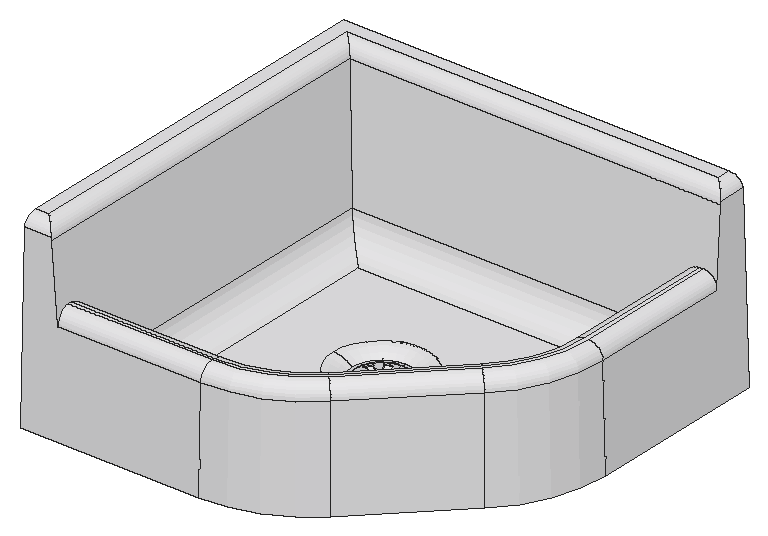
Revit family "Sink-Service_Sink-KOHLER-Whitby-K-6710", category Plumbing Fixtures, host Face, Revit 2015
Parameters (values of type "0-White")
  Width = 28"
  Waste Water Outlet = "Waste Water Outlet"  # constant formula
  Waste Connection = 1 = 1  # yes
  Vent Connection = 0 = 1  # no
  URL = "https://www.us.kohler.com/us/"
  Product Page URL = "http://www.us.kohler.com/us/catalog/productDetails.jsp?productNumber=6710"
  Product Name = "Whitby"  # constant formula
  Product Documentation Link = "https://www.us.kohler.com/webassets/kpna/catalog/pdf/en/K-6710_spec.pdf"
  Model = "K-6710"  # constant formula
  Material = "Enameled Cast Iron"  # constant formula
  MasterFormat 2004 = "22.41.16"  # constant formula
  MasterFormat 1995 = "15410"  # constant formula
  Manufacturer Address = "444 Highland Dr, Kohler, WI 53044"  # constant formula
  Manufacturer = "KOHLER Co."  # constant formula
  Length = 28"
  Hot Water Inlet = "Hot Water Inlet"  # constant formula
  Height = 13"
  HW Connection = 0 = 1  # no
  Finish = Kohler-Vitreous_China-0-White
  Environmental Product Declaration = "https://www.us.kohler.com/webassets/kpna/catalog/pdf/en/K-6710.pdf"
  Drain Included = 0 = 1  # no
  Description = "Floor-mounted corner service sink"  # constant formula
  Default Elevation = 0"
  Declare Label = ""
  Date Modified = "10/19/2018"  # constant formula
  Date Created = "10/19/2018"  # constant formula
  Copyright = "Copyright KOHLER Co."  # constant formula
  Contact Us = "https://www.us.kohler.com/us/static/contact.jsp"
  Cold Water Inlet = "Cold Water Inlet"  # constant formula
  CW Connection = 0 = 1  # no
  Assembly Code = "D2010400"
  ADA Compliant = 0 = 1  # no
Reference planes (in)
  plane 1 "Center (Front/Back)": y = 0
  plane 2: z = 0
  plane 3 "Center (Left/Right)": x = 0
  plane 4: y = 13
  plane 5: x = -13
  plane 6: y = -15
  plane 7: x = 15
  plane 8: through (9.1875, -9.1875, 48) normal (-0.7071, 0.7071, 0)
  plane 9: z = 13
  plane 10: z = 8
Dimensions and locks (in)
  "Length": plane 5 to plane 7
  "Width": plane 6 to plane 4
  "Height": plane 9 to level
  aligned and locked: plane 2 to host face
  aligned and locked: level to host face
Automatic sketch dimensions
  host sketch curve to host sketch curve = 96"  (x2)
Nested families (in)
  nested 1: "K-6710" at (-13, 13, 0), type "K-6710"
Connectors (in)
  piping at (0, 0, 0), diameter 2.875, driven by "Waste Connection", driven by "Waste Water Outlet"
    settings: on nested 1, index 1, connector inside diameter 24", connector length 0", flow factor 0, pipe flow 0 GPM, pressure drop 0.00 psi, fitting loss kfactor 0, connector angle 0.00°, fixture units 0, engagement length 0", angle of deflection 0.00°, flow configuration 0, flow direction 2, fitting loss method 0, system type 16, joint type 0, gender type 0, connector reference index -1, connector utility 1, adjustable connector no, is connector primary yes, connector description "Waste Water Outlet"
Definition of nested family "K-6710"
  Parameters (values of type "K-6710")
    Finish = none
  Reference planes (in)
    plane 1 "Center (Front/Back)": y = 0
    plane 2: z = 0
    plane 3 "Center (Left/Right)": x = 0
    plane 4: y = -28
    plane 5: x = 28
    plane 6 "Drain Center": y = -13
    plane 7 "Drain Cover": x = 13
    plane 8: z = 13
    plane 9: z = 8
    plane 10: y = -2.25
    plane 11: x = 2.25
    plane 12: x = 25.75
    plane 13: y = -25.75
    plane 14: through (23.2492852, -21.1257148, 48) normal (0.7071, -0.7071, 0)
  Forms (in)
    Extrusion 1, solid, material <- "Finish", detail levels medium+fine
      sketch origin (0, 0, 0) x (1, 0, 0) y (0, 1, 0)
        loop
          line (0, 0) -> (0, -28) -> (12.3364178, -28)
          arc (12.3364178, -28) -> (16.0675812, -27.2578254) -> (19.2307089, -25.1442911) r 9.75
          line (19.2307089, -25.1442911) -> (25.1442911, -19.2307089)
          arc (25.1442911, -19.2307089) -> (27.2578254, -16.0675812) -> (28, -12.3364178) r 9.75
          line (28, -12.3364178) -> (28, 0) -> (0, 0)
      from 0 to 8
    Sweep 2, void
      path origin (0, 0, 0) x (1, 0, 0) y (0, 1, 0)
        loop
          line (0, -28) -> (12.3364178, -28)
          arc (12.3364178, -28) -> (16.0675812, -27.2578254) -> (19.2307089, -25.1442911) r 9.75
          line (19.2307089, -25.1442911) -> (25.1442911, -19.2307089)
          arc (25.1442911, -19.2307089) -> (27.2578254, -16.0675812) -> (28, -12.3364178) r 9.75
          line (28, -12.3364178) -> (28, 0)
      profile origin (28, -6.1682089, 0) x (-1, 0, 0) y (0, 0, 1)
        loop
          arc (0.2059361, 7.0292843) -> (0.5088309, 7.7173856) -> (1.2055072, 8) r 1
          line (1.2055072, 8) -> (1.2055072, 9.25) -> (-1.6440218, 9.25) -> (-1.6440218, 0) -> (0, 0) -> (0.2059361, 7.0292843)
    Extrusion 3, void
      sketch origin (0, 0, 0) x (1, 0, 0) y (0, 1, 0)
        loop
          line (26.5436351, -1.4563649) -> (1.4563649, -1.4563649) -> (1.4563649, -26.5436351) -> (12.3364178, -26.5436351)
          arc (12.3364178, -26.5436351) -> (15.5102545, -25.9123197) -> (18.2009034, -24.1144856) r 8.2936351
          line (18.2009034, -24.1144856) -> (24.1144856, -18.2009034)
          arc (24.1144856, -18.2009034) -> (25.9123197, -15.5102545) -> (26.5436351, -12.3364178) r 8.2936351
          line (26.5436351, -12.3364178) -> (26.5436351, -1.4563649)
      from 0 to 12
    Sweep 4, solid, material <- "Finish", detail levels medium+fine
      path origin (0, 0, 0) x (1, 0, 0) y (0, 1, 0)
        loop
          line (2.25, -25.75) -> (12.3364178, -25.75)
          arc (12.3364178, -25.75) -> (15.2065435, -25.1790965) -> (17.6397186, -23.5533009) r 7.5
          line (17.6397186, -23.5533009) -> (23.5533009, -17.6397186)
          arc (23.5533009, -17.6397186) -> (25.1790965, -15.2065435) -> (25.75, -12.3364178) r 7.5
          line (25.75, -12.3364178) -> (25.75, -2.25)
      profile origin (25.75, -7.2932089, 0) x (-1, 0, 0) y (0, 0, 1)
        loop
          arc (0.2059361, 7.0292843) -> (-0.1177106, 7.6960169) -> (-0.7936351, 8) r 1.0862737
          line (-0.7936351, 8) -> (-0.7936351, 0) -> (0.9381532, 0) -> (0.2059361, 7.0292843)
    Sweep 5, solid, material <- "Finish", detail levels medium+fine
      path origin (0, 0, 0) x (1, 0, 0) y (0, 1, 0)
        loop
          line (25.1868468, -2.8131532) -> (2.8131532, -2.8131532) -> (2.8131532, -25.1868468) -> (12.3364178, -25.1868468)
          arc (12.3364178, -25.1868468) -> (14.9910341, -24.6588108) -> (17.2415092, -23.1550914) r 6.9368468
          line (17.2415092, -23.1550914) -> (23.1550914, -17.2415092)
          arc (23.1550914, -17.2415092) -> (24.6588108, -14.9910341) -> (25.1868468, -12.3364178) r 6.9368468
          line (25.1868468, -12.3364178) -> (25.1868468, -2.8131532)
      profile origin (25.1868468, -7.5747855, 0) x (1, 0, 0) y (0, 0, 1)
        loop
          arc (-0.0022278, 3.5786134) -> (-0.7035975, 2.1680723) -> (-2.1581424, 1.563221) r 2.25
          line (-2.1581424, 1.563221) -> (-2.1581424, 0) -> (-0.0022278, 0) -> (-0.0022278, 3.5786134)
    Extrusion 6, solid, material <- "Finish", detail levels medium+fine
      sketch origin (0, 0, 0) x (1, 0, 0) y (0, 1, 0)
        loop
          line (4.9712956, -4.9712956) -> (4.9712956, -23.0287044) -> (12.3364178, -23.0287044)
          arc (12.3364178, -23.0287044) -> (14.1651488, -22.6649472) -> (15.7154721, -21.6290543) r 4.7787044
          line (15.7154721, -21.6290543) -> (21.6290543, -15.7154721)
          arc (21.6290543, -15.7154721) -> (22.6649472, -14.1651488) -> (23.0287044, -12.3364178) r 4.7787044
          line (23.0287044, -12.3364178) -> (23.0287044, -4.9712956) -> (4.9712956, -4.9712956)
      from 0 to 1.563221
    Revolve 7, void
      sketch origin (0, -13, 0) x (-1, 0, 0) y (0, 0, 1)
        loop
          line (-14.4375, 0.3399788) -> (-14.4375, -0.8375719) -> (-13, -0.8375719) -> (-13, 2.6624281) -> (-16.275, 2.6624281) -> (-16.275, 1.563221)
          arc (-16.275, 1.563221) -> (-15.206168, 1.1770464) -> (-14.4375, 0.3399788) r 2.3843671
        axis (-13, 2.6624281) -> (-13, -0.8375719)
      angle from 0 to 360
    Extrusion 8, solid, material <- "Finish", detail levels medium+fine
      sketch origin (0, 0, 0) x (1, 0, 0) y (0, 1, 0)
        loop
          line (28, 0) -> (0, 0) -> (0, -28) -> (2.25, -28) -> (2.25, -2.25) -> (28, -2.25) -> (28, 0)
      from 0 to 13
    Sweep 9, void
      path origin (0, 0, 0) x (1, 0, 0) y (0, 1, 0)
        loop
          line (28, 0) -> (28, -12.3364178)
          arc (28, -12.3364178) -> (27.2578254, -16.0675812) -> (25.1442911, -19.2307089) r 9.75
          line (25.1442911, -19.2307089) -> (19.2307089, -25.1442911)
          arc (19.2307089, -25.1442911) -> (16.0675812, -27.2578254) -> (12.3364178, -28) r 9.75
          line (12.3364178, -28) -> (0, -28)
      profile origin (28, -6.1682089, 0) x (1, 0, 0) y (0, 0, 1)
        loop
          line (0.0574502, -1.9609656) -> (3.4530278, -1.9609656) -> (3.4530278, 16.2890344) -> (-0.4772178, 16.2890344) -> (0.0574502, -1.9609656)
    Sweep 10, solid, material <- "Finish", detail levels medium+fine
      path origin (0, 0, 0) x (1, 0, 0) y (0, 1, 0)
        loop
          line (28, -2.8153809) -> (2.8153809, -2.8153809) -> (2.8153809, -28)
      profile origin (15.4076905, -2.8153809, 0) x (0, -1, 0) y (0, 0, 1)
        loop
          line (-0.5653809, 9.0062705) -> (-0.5653809, 0) -> (0, 0) -> (0, 3.5786134) -> (-0.5653809, 9.0062705)
    Sweep 11, void
      path origin (0, 0, 0) x (1, 0, 0) y (0, 1, 0)
        loop
          line (0, -28) -> (2.25, -28) -> (2.25, -2.25) -> (28, -2.25) -> (28, 0)
      profile origin (2.25, -15.125, 0) x (-1, 0, 0) y (0, 0, 1)
        loop
          arc (0.3226391, 12.1036061) -> (0.6477824, 12.7428345) -> (1.3172575, 13) r 1
          line (1.3172575, 13) -> (1.3172575, 14.1332697) -> (-0.75, 14.1332697) -> (-0.75, 9.0062705) -> (0, 9.0062705) -> (0.3226391, 12.1036061)
    Extrusion 12, solid, material <- "Finish", detail levels coarse
      sketch origin (0, 0, 0) x (1, 0, 0) y (0, 1, 0)
        loop
          line (28, 0) -> (0, 0) -> (0, -28) -> (16.375, -28) -> (28, -16.375) -> (28, 0)
      from 0 to 13
    Extrusion 13, void, detail levels coarse
      sketch origin (0, 0, 0) x (1, 0, 0) y (0, 1, 0)
        loop
          line (28, -2.25) -> (2.25, -2.25) -> (2.25, -28) -> (16.375, -28) -> (28, -16.375) -> (28, -2.25)
      from 8 to 13
    Extrusion 14, void, detail levels coarse
      sketch origin (0, 0, 0) x (1, 0, 0) y (0, 1, 0)
        loop
          line (2.25, -2.25) -> (2.25, -26.5436351) -> (15.7717539, -26.5436351) -> (26.5436351, -15.7717539) -> (26.5436351, -2.25) -> (2.25, -2.25)
      from 1.563221 to 9.7191896
    Extrusion 15, void
      sketch origin (0, 0, 0) x (1, 0, 0) y (0, 1, 0)
        loop
          circle (13, -13) r 1.4375
      from 0 to 12
    Revolve 16, solid, detail levels medium+fine
      sketch origin (13, 0, 0) x (0, 1, 0) y (0, 0, 1)
        loop
          line (-14.7653546, 1.0651741) -> (-15.0742503, 1.0651741) -> (-15.0742503, 0.9901998) -> (-13, 0.9901998) -> (-13, 1.0651741) -> (-14.7343559, 1.0651741) -> (-14.7343559, 1.0338192) -> (-14.7653546, 1.0338192) -> (-14.7653546, 1.0651741)
        axis (-13, 0.9901998) -> (-13, 1.0651741)
      angle from 0 to 360
    Extrusion 17, void
      sketch origin (0, 0, 0) x (1, 0, 0) y (0, 1, 0)
        loop
          circle (13, -13) r 0.0432006
        loop
          arc (12.693237, -11.4577982) -> (12.3982627, -11.5472776) -> (12.1264128, -11.6925844) r 1.5724154
          line (12.1264128, -11.6925844) -> (12.887021, -12.830915)
          arc (12.887021, -12.830915) -> (12.9221787, -12.8121228) -> (12.9603271, -12.8005506) r 0.2033568
          line (12.9603271, -12.8005506) -> (12.693237, -11.4577982)
        loop
          line (12.887021, -13.169085) -> (12.1264128, -14.3074156)
          arc (12.1264128, -14.3074156) -> (12.3982627, -14.4527224) -> (12.693237, -14.5422018) r 1.5724154
          line (12.693237, -14.5422018) -> (12.9603271, -13.1994494)
          arc (12.9603271, -13.1994494) -> (12.9221787, -13.1878772) -> (12.887021, -13.169085) r 0.2033568
        loop
          arc (13.0396729, -12.8005506) -> (13.0778213, -12.8121228) -> (13.112979, -12.830915) r 0.2033568
          line (13.112979, -12.830915) -> (13.8735872, -11.6925844)
          arc (13.8735872, -11.6925844) -> (13.6017373, -11.5472776) -> (13.306763, -11.4577982) r 1.5724154
          line (13.306763, -11.4577982) -> (13.0396729, -12.8005506)
        loop
          arc (13.169085, -12.887021) -> (13.1878772, -12.9221787) -> (13.1994494, -12.9603271) r 0.2033568
          line (13.1994494, -12.9603271) -> (14.5422018, -12.693237)
          arc (14.5422018, -12.693237) -> (14.4527224, -12.3982627) -> (14.3074156, -12.1264128) r 1.5724154
          line (14.3074156, -12.1264128) -> (13.169085, -12.887021)
        loop
          line (13.0396729, -13.1994494) -> (13.306763, -14.5422018)
          arc (13.306763, -14.5422018) -> (13.6017373, -14.4527224) -> (13.8735872, -14.3074156) r 1.5724154
          line (13.8735872, -14.3074156) -> (13.112979, -13.169085)
          arc (13.112979, -13.169085) -> (13.0778213, -13.1878772) -> (13.0396729, -13.1994494) r 0.2033568
        loop
          line (13.169085, -13.112979) -> (14.3074156, -13.8735872)
          arc (14.3074156, -13.8735872) -> (14.4527224, -13.6017373) -> (14.5422018, -13.306763) r 1.5724154
          line (14.5422018, -13.306763) -> (13.1994494, -13.0396729)
          arc (13.1994494, -13.0396729) -> (13.1915579, -13.0793459) -> (13.169085, -13.112979) r 0.1036704
        loop
          line (12.830915, -12.887021) -> (11.6925844, -12.1264128)
          arc (11.6925844, -12.1264128) -> (11.5472776, -12.3982627) -> (11.4577982, -12.693237) r 1.5724154
          line (11.4577982, -12.693237) -> (12.8005506, -12.9603271)
          arc (12.8005506, -12.9603271) -> (12.8084421, -12.9206541) -> (12.830915, -12.887021) r 0.1036704
        loop
          arc (12.830915, -13.112979) -> (12.8121228, -13.0778213) -> (12.8005506, -13.0396729) r 0.2033568
          line (12.8005506, -13.0396729) -> (11.4577982, -13.306763)
          arc (11.4577982, -13.306763) -> (11.5472776, -13.6017373) -> (11.6925844, -13.8735872) r 1.5724154
          line (11.6925844, -13.8735872) -> (12.830915, -13.112979)
      from -2.8766585 to 12
  Cuts and joins
    Sweep 2, Extrusion 3, Revolve 7, Sweep 9, Extrusion 15, Extrusion 17 cuts Extrusion 1
    Revolve 7, Sweep 9, Extrusion 15, Extrusion 17 cuts Sweep 4
    Revolve 7, Sweep 9, Extrusion 15, Extrusion 17 cuts Sweep 5
    Revolve 7, Sweep 9 cuts Extrusion 6
    Sweep 9, Sweep 11, Extrusion 15, Extrusion 17 cuts Extrusion 8
    Sweep 9, Extrusion 15, Extrusion 17 cuts Sweep 10
    joined: Extrusion 1, Sweep 4, Sweep 5, Extrusion 6, Extrusion 8, Sweep 10
    Extrusion 13, Extrusion 14, Extrusion 15 cuts Extrusion 12
    Extrusion 17 cuts Revolve 16
  Lines and regions (in)
    Masking region 1
      outline origin (0, 0, 0) x (1, 0, 0) y (0, 1, 0)
        loop
          line (0, 0) -> (0, -28) -> (12.3364178, -28)
          arc (12.3364178, -28) -> (16.0675812, -27.2578254) -> (19.2307089, -25.1442911) r 9.75
          line (19.2307089, -25.1442911) -> (25.1442911, -19.2307089)
          arc (25.1442911, -19.2307089) -> (27.2578254, -16.0675812) -> (28, -12.3364178) r 9.75
          line (28, -12.3364178) -> (28, 0) -> (0, 0)
    Masking region 2
      outline origin (0, 0, 0) x (1, 0, 0) y (0, 0, 1)
        loop
          line (0, 13) -> (0, 0) -> (28, 0) -> (27.6399599, 12.2893697)
          arc (27.6399599, 12.2893697) -> (27.2788256, 12.8029227) -> (26.6827425, 13) r 1
          line (26.6827425, 13) -> (0, 13)
    Masking region 3
      outline origin (0, 0, 0) x (0, 1, 0) y (0, 0, 1)
        loop
          line (0, 0) -> (0, 13) -> (-26.6827425, 13)
          arc (-26.6827425, 13) -> (-27.2788256, 12.8029227) -> (-27.6399599, 12.2893697) r 1
          line (-27.6399599, 12.2893697) -> (-28, 0) -> (0, 0)
    symbolic lines, detail levels medium+fine
      curve 1: arc (18.2009034, -24.1144856, 0) -> (15.5102545, -25.9123197, 0) -> (12.3364178, -26.5436351, 0) r 8.2936351
      curve 2: arc (26.5436351, -12.3364178, 0) -> (25.9123197, -15.5102545, 0) -> (24.1144856, -18.2009034, 0) r 8.2936351
      curve 3: line (18.2009034, -24.1144856, 0) -> (24.1144856, -18.2009034, 0)
      curve 4: line (26.5436351, -12.3364178, 0) -> (26.5436351, -2.3548198, 0)
      curve 5: line (2.3547985, -26.5436351, 0) -> (12.3364178, -26.5436351, 0)
      curve 6: spline (2.3547985, -26.5436351, 0) -> (2.3565645, -26.4184727, 0) -> (2.3598202, -26.2961261, 0) -> (2.3645218, -26.1782414, 0) -> (2.3706061, -26.0664046, 0) -> (2.3779912, -25.9621204, 0) -> (2.3865778, -25.8667919, 0) -> (2.3962503, -25.7817017, 0) -> (2.4068786, -25.7079946, 0) -> (2.4183197, -25.6466623, 0) -> (2.4304196, -25.59853, 0) -> (2.4430156, -25.5642453, 0) -> (2.4559382, -25.5442695, 0)
      curve 7: line (2.4559361, -25.5440639, 0) -> (2.8153809, -25.1846191, 0)
      curve 8: line (2.8153809, -25.1846191, 0) -> (4.9712956, -23.0287044, 0)
      curve 9: line (4.9712956, -23.0287044, 0) -> (4.9712956, -4.9712956, 0)
      curve 10: line (12.3364178, -23.0287044, 0) -> (4.9712956, -23.0287044, 0)
      curve 11: arc (15.7154721, -21.6290543, 0) -> (14.1651488, -22.6649472, 0) -> (12.3364178, -23.0287044, 0) r 4.7787044
      curve 12: line (21.6290543, -15.7154721, 0) -> (15.7154721, -21.6290543, 0)
      curve 13: arc (23.0287044, -12.3364178, 0) -> (22.6649472, -14.1651488, 0) -> (21.6290543, -15.7154721, 0) r 4.7787044
      curve 14: line (23.0287044, -4.9712956, 0) -> (23.0287044, -12.3364178, 0)
      curve 15: line (4.9712956, -4.9712956, 0) -> (23.0287044, -4.9712956, 0)
      curve 16: line (25.3643415, -2.6356585, 0) -> (23.0287044, -4.9712956, 0)
      curve 17: line (25.1846191, -2.8153809, 0) -> (25.5440639, -2.4559361, 0)
      curve 18: spline (25.5442695, -2.4559382, 0) -> (25.5674027, -2.4415756, 0) -> (25.6081966, -2.4276414, 0) -> (25.6659717, -2.4143674, 0) -> (25.7397659, -2.4019749, 0) -> (25.82835, -2.3906703, 0) -> (25.9302485, -2.3806418, 0) -> (26.0437644, -2.3720564, 0) -> (26.167007, -2.3650573, 0) -> (26.2979235, -2.3597608, 0) -> (26.4343335, -2.3562553, 0) -> (26.5739651, -2.3545991, 0) -> (26.7144926, -2.3548198, 0)
      curve 19: spline (26.8143108, -2.3548198, 0) -> (26.9409041, -2.3559511, 0) -> (27.0650994, -2.3587323, 0) -> (27.1849018, -2.3631188, 0) -> (27.2983867, -2.36904, 0) -> (27.4037311, -2.3764009, 0) -> (27.4992428, -2.3850832, 0) -> (27.5833875, -2.3949474, 0) -> (27.6548136, -2.4058351, 0) -> (27.7123736, -2.4175714, 0) -> (27.7551429, -2.4299678, 0) -> (27.7824344, -2.4428251, 0) -> (27.7938099, -2.4559368, 0)
      curve 20: line (0.9327425, -25.6827425, 0) -> (0.9327425, -0.9327425, 0)
      curve 21: line (4.9712956, -4.9712956, 0) -> (2.8153809, -2.8153809, 0)
      curve 22: line (2.8153809, -2.8153809, 0) -> (1.9273609, -1.9273609, 0)
      curve 23: line (1.9273609, -1.9273609, 0) -> (0.9327425, -0.9327425, 0)
      curve 24: line (0.9327425, -0.9327425, 0) -> (25.6827425, -0.9327425, 0)
      curve 25: line (27.6399599, -1.8899599, 0) -> (26.3898493, -0.6398493, 0)
      curve 26: line (27.6399599, -1.9080105, 0) -> (27.6399599, 0, 0)
      curve 27: line (27.7940639, -2.4559361, 0) -> (27.6399599, -1.9080105, 0)
      curve 28: line (1.8899599, -27.6399599, 0) -> (0.6398493, -26.3898493, 0)
      curve 29: line (0, -27.6399599, 0) -> (1.9080105, -27.6399599, 0)
      curve 30: line (1.9080105, -27.6399599, 0) -> (2.4559361, -27.7940639, 0)
      curve 31: arc (25.6827425, -0.9327425, 0) -> (26.3656563, -0.6632415, 0) -> (26.6804781, 0, 0) r 1
      curve 32: arc (0.9327425, -25.6827425, 0) -> (0.6632415, -26.3656563, 0) -> (0, -26.6804781, 0) r 1
      curve 33: spline (2.4559368, -27.7938099, 0) -> (2.4428251, -27.7824344, 0) -> (2.4299678, -27.7551429, 0) -> (2.4175714, -27.7123736, 0) -> (2.4058351, -27.6548136, 0) -> (2.3949474, -27.5833875, 0) -> (2.3850832, -27.4992428, 0) -> (2.3764009, -27.4037311, 0) -> (2.36904, -27.2983867, 0) -> (2.3631188, -27.1849018, 0) -> (2.3587323, -27.0650994, 0) -> (2.3559511, -26.9409041, 0) -> (2.3548198, -26.8143108, 0)
      curve 34: line (2.3548198, -26.8143108, 0) -> (2.3548198, -26.5436351, 0)
      curve 35: line (26.5436351, -2.3548198, 0) -> (26.8143108, -2.3548198, 0)
      curve 36: line (27.7940639, -2.4559361, 0) -> (28, -2.6618721, 0)
      curve 37: line (2.4559361, -27.7940639, 0) -> (2.6618721, -28, 0)
      curve 38: arc (0.9327425, 0, 13) -> (1.6022176, 0, 12.7428345) -> (1.9273609, 0, 12.1036061) r 1
      curve 39: line (1.9273609, 0, 12.1036061) -> (2.3548198, 0, 8)
      curve 40: line (2.3548198, 0, 8) -> (26.7944928, 0, 8)
      curve 41: arc (26.7944928, 0, 8) -> (27.4911691, 0, 7.7173856) -> (27.7940639, 0, 7.0292843) r 1
      curve 42: arc (0, -26.7944928, 8) -> (0, -27.4911691, 7.7173856) -> (0, -27.7940639, 7.0292843) r 1
      curve 43: line (0, -26.7944928, 8) -> (0, -2.3548198, 8)
      curve 44: line (0, -2.3548198, 8) -> (0, -1.9273609, 12.1036061)
      curve 45: arc (0, -0.9327425, 13) -> (0, -1.6022176, 12.7428345) -> (0, -1.9273609, 12.1036061) r 1
      curve 46: arc (13, -15.0742503, 0) -> (10.9257497, -13, 0) -> (13, -10.9257497, 0) r 2.0742503
      curve 47: arc (13, -10.9257497, 0) -> (15.0742503, -13, 0) -> (13, -15.0742503, 0) r 2.0742503
      curve 48: arc (13, -11.2346454, 0) -> (14.7653546, -13, 0) -> (13, -14.7653546, 0) r 1.7653546
      curve 49: arc (13, -14.7653546, 0) -> (11.2346454, -13, 0) -> (13, -11.2346454, 0) r 1.7653546
      curve 50: arc (13, -14.7343559, 0) -> (11.2656441, -13, 0) -> (13, -11.2656441, 0) r 1.7343559
      curve 51: arc (13, -11.2656441, 0) -> (14.7343559, -13, 0) -> (13, -14.7343559, 0) r 1.7343559
      curve 52: arc (12.693237, -11.4577982, 0) -> (12.3982627, -11.5472776, 0) -> (12.1264128, -11.6925844, 0) r 1.5724154
      curve 53: arc (13.8735872, -11.6925844, 0) -> (13.6017373, -11.5472776, 0) -> (13.306763, -11.4577982, 0) r 1.5724154
      curve 54: arc (14.5422018, -12.693237, 0) -> (14.4527224, -12.3982627, 0) -> (14.3074156, -12.1264128, 0) r 1.5724154
      curve 55: arc (14.3074156, -13.8735872, 0) -> (14.4527224, -13.6017373, 0) -> (14.5422018, -13.306763, 0) r 1.5724154
      curve 56: arc (13.306763, -14.5422018, 0) -> (13.6017373, -14.4527224, 0) -> (13.8735872, -14.3074156, 0) r 1.5724154
      curve 57: arc (12.1264128, -14.3074156, 0) -> (12.3982627, -14.4527224, 0) -> (12.693237, -14.5422018, 0) r 1.5724154
      curve 58: arc (11.4577982, -13.306763, 0) -> (11.5472776, -13.6017373, 0) -> (11.6925844, -13.8735872, 0) r 1.5724154
      curve 59: arc (11.6925844, -12.1264128, 0) -> (11.5472776, -12.3982627, 0) -> (11.4577982, -12.693237, 0) r 1.5724154
      curve 60: line (12.9603271, -12.8005506, 0) -> (12.693237, -11.4577982, 0)
      curve 61: line (13.306763, -11.4577982, 0) -> (13.0396729, -12.8005506, 0)
      curve 62: line (13.112979, -12.830915, 0) -> (13.8735872, -11.6925844, 0)
      curve 63: line (14.3074156, -12.1264128, 0) -> (13.169085, -12.887021, 0)
      curve 64: line (13.1994494, -12.9603271, 0) -> (14.5422018, -12.693237, 0)
      curve 65: line (14.5422018, -13.306763, 0) -> (13.1994494, -13.0396729, 0)
      curve 66: line (13.169085, -13.112979, 0) -> (14.3074156, -13.8735872, 0)
      curve 67: line (13.8735872, -14.3074156, 0) -> (13.112979, -13.169085, 0)
      curve 68: line (13.0396729, -13.1994494, 0) -> (13.306763, -14.5422018, 0)
      curve 69: line (12.693237, -14.5422018, 0) -> (12.9603271, -13.1994494, 0)
      curve 70: line (12.887021, -13.169085, 0) -> (12.1264128, -14.3074156, 0)
      curve 71: line (11.6925844, -13.8735872, 0) -> (12.830915, -13.112979, 0)
      curve 72: line (12.8005506, -13.0396729, 0) -> (11.4577982, -13.306763, 0)
      curve 73: line (11.4577982, -12.693237, 0) -> (12.8005506, -12.9603271, 0)
      curve 74: line (12.830915, -12.887021, 0) -> (11.6925844, -12.1264128, 0)
      curve 75: line (12.1264128, -11.6925844, 0) -> (12.887021, -12.830915, 0)
      curve 76: arc (12.887021, -12.830915, 0) -> (12.9221787, -12.8121228, 0) -> (12.9603271, -12.8005506, 0) r 0.2033568
      curve 77: arc (13.0396729, -12.8005506, 0) -> (13.0778213, -12.8121228, 0) -> (13.112979, -12.830915, 0) r 0.2033568
      curve 78: arc (13.169085, -12.887021, 0) -> (13.1878772, -12.9221787, 0) -> (13.1994494, -12.9603271, 0) r 0.2033568
      curve 79: arc (13.1994494, -13.0396729, 0) -> (13.1915579, -13.0793459, 0) -> (13.169085, -13.112979, 0) r 0.1036704
      curve 80: arc (13.112979, -13.169085, 0) -> (13.0778213, -13.1878772, 0) -> (13.0396729, -13.1994494, 0) r 0.2033568
      curve 81: arc (12.9603271, -13.1994494, 0) -> (12.9221787, -13.1878772, 0) -> (12.887021, -13.169085, 0) r 0.2033568
      curve 82: arc (12.830915, -13.112979, 0) -> (12.8121228, -13.0778213, 0) -> (12.8005506, -13.0396729, 0) r 0.2033568
      curve 83: arc (12.8005506, -12.9603271, 0) -> (12.8084421, -12.9206541, 0) -> (12.830915, -12.887021, 0) r 0.1036704
  Dimensions and locks (in)
    aligned and locked: level to plane 2
    aligned and locked: plane 9 to Extrusion 1
    aligned and locked: Extrusion 1 to level
    aligned and locked: Extrusion 1 sketch curve to plane 1 "Center (Front/Back)"
    aligned and locked: plane 5 to Extrusion 1 sketch curve
    aligned and locked: Extrusion 1 sketch curve to plane 4
    aligned and locked: Extrusion 1 sketch curve to plane 3 "Center (Left/Right)"
    aligned and locked: plane 14 to Extrusion 1 sketch curve
    aligned and locked: Extrusion 6 to level
    aligned and locked: plane 8 to Extrusion 8
    aligned and locked: plane 8 to Extrusion 12
    aligned and locked: Extrusion 12 to level
    aligned and locked: Masking region 1 sketch curve to plane 3 "Center (Left/Right)"
    aligned and locked: Masking region 1 sketch curve to plane 1 "Center (Front/Back)"
    aligned and locked: plane 5 to Masking region 1 sketch curve
    aligned and locked: plane 14 to Masking region 1 sketch curve
    aligned and locked: Masking region 1 sketch curve to plane 4
